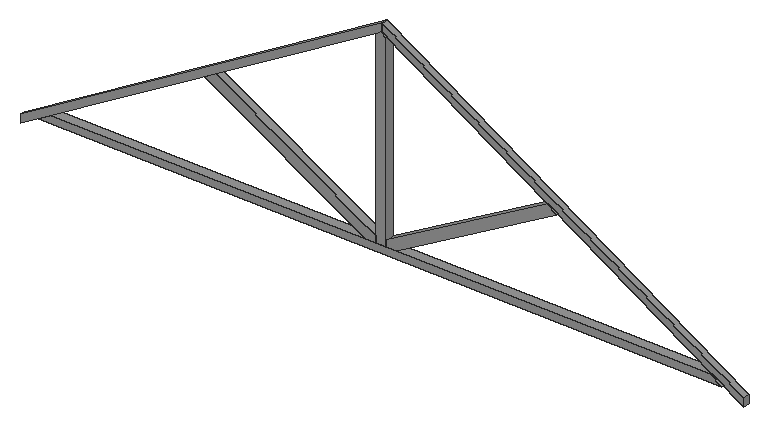
Revit family "QueenPostTruss", category Structural Framing, Revit 2021
Family settings
  Section Shape = Not Defined
  Material for Model Behavior = Wood
  Always export as geometry = No
  OmniClass Number = 23.25.30.21.14
  OmniClass Title = Trussed Beams and Joists
  Work Plane-Based = No
  Always vertical = Yes
  Cut with Voids When Loaded = No
  Symbolic Representation = From Family
  Shared = No
  Show family pre-cut in plan views = Yes
Parameters
  WebWidth [instance] = 120 mm
  WebDepth [instance] = 150 mm
  T_Volume [instance] = 0.00 m³
  TopWidth [instance] = 80 mm
  Structural Material [instance] = Poche
  SpanRight [instance] = 5000 mm
  SpanLeft [instance] = 5000 mm
  Span [instance] = SpanLeft + SpanRight  # 10000 mm
  SlopeRight [instance] = 30.00°
  SlopeLeft [instance] = 30.00°
  OverhangRight [instance] = 300 mm
  OverhangLeft [instance] = 300 mm
  TopDepth [instance] = 100 mm
  BottomWidth [instance] = 150 mm
  BottomDepth [instance] = 100 mm
Reference planes
  plane 1 "Center (Front/Back)": y = 0
  plane 2: z = 0
  plane 3 "Center (Left/Right)": x = 0
  plane 4: x = -5000
  plane 5: x = 5000
  plane 6: x = 5300
  plane 7: x = -5300
  plane 8: z = 100
  plane 9: x = 75
  plane 10: x = -75
  plane 11: x = 2500
  plane 12: x = -2500
Forms (mm)
  Extrusion 1, solid, material "Cherry"
    sketch origin (0, 0, 0) x (1, 0, 0) y (0, 0, 1)
      loop
        line (-5300, -173.205) -> (0, 2886.751) -> (0, 3002.221) -> (-5300, -57.735) -> (-5300, -173.205)
    from -40 to 40
  Extrusion 2, solid, material "Cherry"
    sketch origin (0, 0, 0) x (1, 0, 0) y (0, 0, 1)
      loop
        line (5300, -173.205) -> (5300, -57.735) -> (0, 3002.221) -> (0, 2886.751) -> (5300, -173.205)
    from -40 to 40
  Extrusion 3, solid, material "Cherry"
    sketch origin (0, 0, 0) x (1, 0, 0) y (0, 0, 1)
      loop
        line (-5000, 0) -> (5000, 0) -> (4826.795, 100) -> (-4826.795, 100) -> (-5000, 0)
    from -75 to 75
  Extrusion 4, solid, material "Cherry"
    sketch origin (0, 0, 0) x (1, 0, 0) y (0, 0, 1)
      loop
        line (75, 100) -> (75, 2843.45) -> (0, 2886.751) -> (-75, 2843.45) -> (-75, 100) -> (75, 100)
    from -60 to 60
  Extrusion 5, solid, material "Cherry"
    sketch origin (0, 0, 0) x (1, 0, 0) y (0, 0, 1)
      loop
        line (229.772, 100) -> (2575.787, 1399.62) -> (2424.213, 1487.131) -> (75, 185.739) -> (75, 100) -> (229.772, 100)
    from -60 to 60
  Extrusion 6, solid, material "Cherry"
    sketch origin (0, 0, 0) x (1, 0, 0) y (0, 0, 1)
      loop
        line (-229.772, 100) -> (-75, 100) -> (-75, 185.739) -> (-2424.213, 1487.131) -> (-2575.787, 1399.62) -> (-229.772, 100)
    from -60 to 60
Lines and regions (mm)
  reference lines
    curve 1: line (5000, 0, 0) -> (2315.321, 0, 1550)
    curve 2: line (-5000, 0, 0) -> (-1968.911, 0, 1750)
    curve 3: line (4991.574, 0, 120.335) -> (-8.024, 0, 3006.854)
    curve 4: line (-4966.214, 0, 134.977) -> (-109.65, 0, 2938.915)
    curve 5: line (0, 40, 1939.254) -> (0, 40, -520.746)
    curve 6: line (0, -40, 1939.254) -> (0, -40, -520.746)
    curve 7: line (0, -60, 1939.254) -> (0, -60, -520.746)
    curve 8: line (0, -75, 1939.254) -> (0, -75, -520.746)
    curve 9: line (0, 60, 1939.254) -> (0, 60, -520.746)
    curve 10: line (0, 75, 1939.254) -> (0, 75, -520.746)
    curve 11: line (75, 0, 100) -> (2500, 0, 1443.376)
    curve 12: line (-75, 0, 100) -> (-2500, 0, 1443.376)
    curve 13: line (-88.926, 0, 94.929) -> (2374.346, 0, 1459.506)
    curve 14: line (1.696, 0, -26.348) -> (3007.75, 0, 1638.915)
    curve 15: line (88.926, 0, 94.929) -> (-2374.346, 0, 1459.506)
    curve 16: line (-1.696, 0, -26.348) -> (-2625.654, 0, 1427.245)
Dimensions and locks
  "SpanLeft": plane 3 "Center (Left/Right)" to plane 5
  "SpanRight": plane 3 "Center (Left/Right)" to plane 4
  "OverhangLeft": plane 5 to plane 6
  "OverhangRight": plane 7 to plane 4
  "BottomDepth": level to plane 8
  equal spacing: plane 10, plane 3 "Center (Left/Right)", plane 9
  "WebDepth": plane 10 to plane 9
  "TopDepth": curve 1 to curve 3
  "TopDepth": curve 4 to curve 2
  plane 3 "Center (Left/Right)" to plane 4 = 5000 mm
  equal spacing: plane 3 "Center (Left/Right)", plane 11, plane 5
  equal spacing: curve 5, curve 4, curve 6
  "TopWidth": curve 5 to curve 6
  equal spacing: curve 9, curve 4, curve 7
  "WebWidth": curve 9 to curve 7
  equal spacing: curve 10, curve 4, curve 8
  "BottomWidth": curve 10 to curve 8
  equal spacing: plane 5, plane 11, plane 3 "Center (Left/Right)"
  equal spacing: plane 4, plane 12, plane 3 "Center (Left/Right)"
  equal spacing: curve 14, curve 11, curve 13
  "WebDepth": curve 14 to curve 13
  equal spacing: curve 15, curve 12, curve 16
  "WebDepth": curve 15 to curve 16
  "SlopeLeft": angle level to curve 1
  "SlopeRight": angle curve 2 to level
  aligned and locked: plane 2 to level
  aligned and locked: Extrusion 1 sketch curve to curve 2
  aligned and locked: Extrusion 1 sketch curve to curve 4
  aligned and locked: Extrusion 1 sketch curve to curve 6
  aligned and locked: plane 7 to Extrusion 1 sketch curve
  aligned and locked: Extrusion 2 sketch curve to curve 1
  aligned and locked: Extrusion 2 sketch curve to curve 3
  aligned and locked: Extrusion 2 sketch curve to curve 6
  aligned and locked: Extrusion 2 sketch curve to plane 6
  aligned and locked: Extrusion 3 sketch curve to level
  aligned and locked: Extrusion 3 sketch curve to plane 8
  aligned and locked: Extrusion 1 to Extrusion 3 sketch curve
  aligned and locked: Extrusion 2 to Extrusion 3 sketch curve
  aligned and locked: Extrusion 2 to curve 6
  aligned and locked: Extrusion 2 to curve 5
  aligned and locked: Extrusion 1 to curve 6
  aligned and locked: Extrusion 1 to curve 5
  aligned and locked: Extrusion 3 to curve 8
  aligned and locked: curve 10 to Extrusion 3
  aligned and locked: plane 8 to curve 11
  aligned and locked: Extrusion 4 sketch curve to plane 9
  aligned and locked: plane 10 to Extrusion 4 sketch curve
  aligned and locked: Extrusion 3 to Extrusion 4 sketch curve
  aligned and locked: Extrusion 4 sketch curve to Extrusion 2
  aligned and locked: Extrusion 1 to Extrusion 4 sketch curve
  aligned and locked: curve 14 to Extrusion 5 sketch curve
  aligned and locked: curve 13 to Extrusion 5 sketch curve
  aligned and locked: Extrusion 2 to Extrusion 5 sketch curve
  aligned and locked: Extrusion 5 sketch curve to Extrusion 4
  aligned and locked: Extrusion 3 to Extrusion 5 sketch curve
  aligned and locked: curve 16 to Extrusion 6 sketch curve
  aligned and locked: curve 15 to Extrusion 6 sketch curve
  aligned and locked: Extrusion 1 to Extrusion 6 sketch curve
  aligned and locked: Extrusion 4 to Extrusion 6 sketch curve
  aligned and locked: Extrusion 3 to Extrusion 6 sketch curve
  aligned and locked: curve 9 to Extrusion 6
  aligned and locked: Extrusion 6 to curve 7
  aligned and locked: Extrusion 4 to curve 9
  aligned and locked: Extrusion 4 to curve 7
  aligned and locked: curve 9 to Extrusion 5
  aligned and locked: Extrusion 5 to curve 7
Automatic sketch dimensions
  curve 2 to level = 0 mm
  plane 4 to curve 2 = 0 mm
  curve 12 to plane 12 = 0 mm
  curve 12 to plane 8 = 0 mm
  curve 12 to plane 10 = 0 mm
  plane 9 to curve 11 = 0 mm
  curve 11 to plane 11 = 0 mm
  curve 1 to level = 0 mm
  plane 5 to curve 1 = 0 mm
  curve 4 to plane 4 = 33.786 mm
  curve 16 to plane 12 = 125.654 mm
  plane 12 to curve 15 = 125.654 mm
  curve 4 to plane 10 = 34.65 mm
  curve 3 to plane 3 "Center (Left/Right)" = 8.024 mm
  curve 13 to plane 8 = 5.071 mm
  curve 16 to plane 3 "Center (Left/Right)" = 1.696 mm
  plane 3 "Center (Left/Right)" to curve 14 = 1.696 mm
  curve 15 to plane 8 = 5.071 mm
  plane 11 to curve 13 = 125.654 mm
  curve 14 to plane 11 = 507.75 mm
  plane 5 to curve 3 = 8.426 mm
  curve 10 to level = 520.746 mm
  curve 5 to curve 10 = 0 mm
  curve 8 to curve 5 = 0 mm
  curve 8 to curve 6 = 0 mm  (x2)
  curve 8 to curve 7 = 0 mm  (x2)
  curve 9 to curve 10 = 0 mm  (x2)
  plane 8 to curve 6 = 1839.254 mm
  curve 6 to curve 9 = 0 mm
  curve 5 to curve 9 = 0 mm
